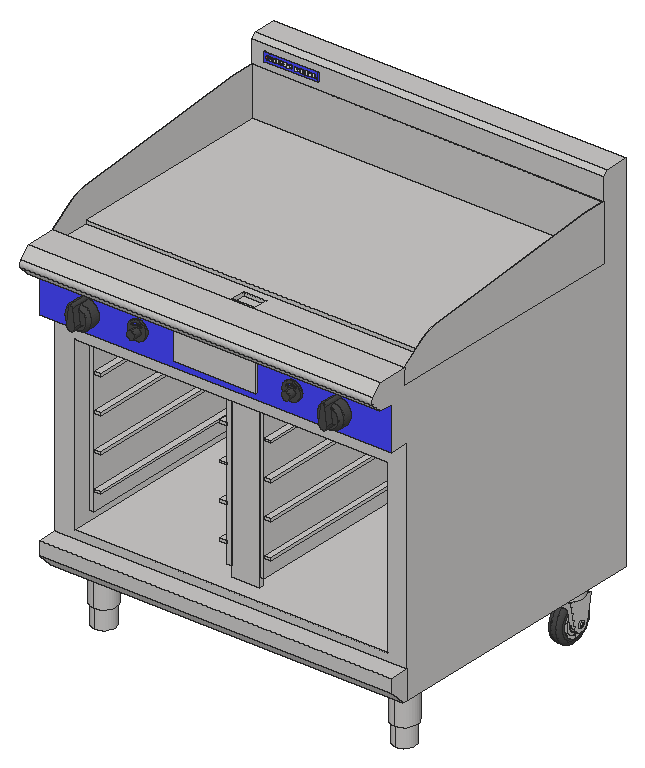
Revit family "QF_MOFFAT_BLUESEAL_CE_GP516-CB", category Specialty Equipment, Revit 2012
Parameters
  Weight in Pounds = 440  # constant formula
  Width [instance] = 900.00 mm  # constant formula
  URL Cutsheet = "www.moffat.com"
  URL = "www.moffat.com"
  Type Mark [instance] = ""
  Status [instance] = ""
  Specification by User [instance] = ""
  Specification by Manufacturer = ""
  Show Logo [instance] = yes
  Show Casters [instance] = yes
  Serial Number = ""
  Seismic Rating = ""
  SMACNA No = ""
  Revision Code [instance] = ""
  Omniclass Number and Title = ""
  NAFEM Spec ID Number = ""
  Model = "GP516-CB"
  Mechanical Remarks = ""
  Mechanical Connection Type = ""
  Masterspec = ""
  Manufacturer = "MOFFAT BLUESEAL"
  Legs [instance] = not(Show Casters)  # no
  Item Number [instance] = ""
  Installed By [instance] = ""
  Identify Quantity as Lot [instance] = yes
  Height = 1085.00 mm  # constant formula
  Gas Size = 3/4"
  Gas RI Height [instance] = 0.00 mm
  Gas KW = 22.2
  Gas Input = 75825.0 Btu/h
  Gas Connection Height = 0.00 mm
  Furnished By [instance] = ""
  Foodservice Equipment Identifier [instance] = yes
  Description = "900MM GAS GRIDDLE PLATE ON CABINET BASE"
  Depth [instance] = 812.00 mm  # constant formula
  CSI MasterFormat = ""
  CSI Master Format = ""
  Back Splash [instance] = 215.00 mm  # constant formula
Reference planes
  plane 1 "BACK": y = 0
  plane 2: z = 0
  plane 3 "LEFT": x = 0
  plane 4 "RIGHT": x = 900
  plane 5 "FRONT": y = -812
  plane 6 "TOP": z = 970
  plane 7 "Center Y": x = 450
  plane 8 "Center X": y = -406
  plane 9 "Base Height": z = 150
  plane 10: z = 915
  plane 11: x = 65
  plane 12: x = 834
  plane 13: y = -625
  plane 14: y = -100
  plane 15: x = 770
  plane 16: y = -32
  plane 17: z = 1085
  plane 18: z = 656
Forms (mm)
  Extrusion 1, solid, material "QF_Finishes_Stainless Steel"
    sketch origin (0, 0, 0) x (0, 1, 0) y (0, 0, 1)
      loop
        line (-100, 150) -> (0, 150) -> (0, 1085) -> (-57.5, 1085) -> (-70, 1072.5) -> (-70, 875) -> (-705, 875) -> (-705, 915) -> (-783.97, 915) -> (-808.485, 890.485)
        arc (-808.485, 890.485) -> (-811.999, 882) -> (-808.485, 873.515) r 12
        line (-808.485, 873.515) -> (-784.97, 850) -> (-749, 850) -> (-749, 740) -> (-100, 740) -> (-100, 150)
      loop
        line (-749, 186) -> (-713, 150) -> (-700, 150) -> (-700, 222.5) -> (-749, 222.5) -> (-749, 186)
    from 0 to 900
  Revolve 2, solid, material "QF_Finishes_Stainless Steel"
    sketch origin (834, -735, 0) x (0, 1, 0) y (0, 0, -1)
      loop
        line (78.25, -150) -> (110, -150) -> (110, 0) -> (82.5, 0) -> (82.5, -50) -> (78.25, -50) -> (78.25, -150)
      axis (110, -150) -> (110, 0)
    angle from 0 to 360
  Revolve 3, solid, material "QF_Finishes_Stainless Steel"
    sketch origin (65, -735, 0) x (0, 1, 0) y (0, 0, -1)
      loop
        line (78.25, -150) -> (110, -150) -> (110, 0) -> (82.5, 0) -> (82.5, -50) -> (78.25, -50) -> (78.25, -150)
      axis (110, -150) -> (110, 0)
    angle from 0 to 360
  Revolve 4, solid, material "QF_Finishes_Black"
    sketch origin (127.5, 7, 597.8) x (0, 1, 0) y (0, 0, -1)
      loop
        line (-789, -229.5) -> (-766, -229.5) -> (-766, -202) -> (-756, -202) -> (-756, -197) -> (-800, -197) -> (-800, -223.651) -> (-789, -229.5)
      axis (-800, -197) -> (-756, -197)
    angle from 0 to 360
  Extrusion 5, solid, material "QF_Finishes_Black"
    sketch origin (265.77, 0, 597.958) x (-1, 0, 0) y (0, 0, -1)
      loop
        line (127.85, -186.037) -> (133.271, -228.955)
        arc (133.271, -228.955) -> (138.27, -233.842) -> (143.268, -228.955) r 5
        line (143.268, -228.955) -> (148.757, -184.87)
        arc (148.757, -184.87) -> (137.685, -174.371) -> (127.85, -186.037) r 10.487
    from 759 to 808
  Extrusion 6, solid, material "QF_Finishes_Stainless Steel"
    sketch origin (-295, -749, 866) x (0, 0, -1) y (1, 0, 0)
      loop
        line (24, 640) -> (111, 640) -> (111, 850) -> (24, 850) -> (24, 640)
    from 0 to 2.5
  Extrusion 7, solid, material "QF_Finishes_Stainless Steel"
    sketch origin (-295, -751.5, 866) x (0, 0, -1) y (1, 0, 0)
      loop
        line (31, 850) -> (24, 850) -> (24, 640) -> (31, 640) -> (31, 850)
    from 0 to 5
  Extrusion 8, solid, material "QF_Finishes_Stainless Steel"
    sketch origin (0, 0, 740) x (0, -1, 0) y (-1, 0, 0)
      loop
        circle (32, -770) r 13.5
    from 84 to 0
  Revolve 9, solid, material "QF_Finishes_Black"
    sketch origin (772.616, 7, 597.8) x (0, 1, 0) y (0, 0, 1)
      loop
        line (-789, 229.5) -> (-800, 223.651) -> (-800, 197) -> (-756, 197) -> (-756, 202) -> (-766, 202) -> (-766, 229.5) -> (-789, 229.5)
      axis (-800, 197) -> (-756, 197)
    angle from 0 to 360
  Extrusion 10, solid, material "QF_Finishes_Black"
    sketch origin (634.346, 0, 597.958) x (1, 0, 0) y (0, 0, 1)
      loop
        line (148.689, 186.037) -> (143.268, 228.955)
        arc (143.268, 228.955) -> (138.27, 233.842) -> (133.271, 228.955) r 5
        line (133.271, 228.955) -> (127.782, 184.87)
        arc (127.782, 184.87) -> (138.854, 174.371) -> (148.689, 186.037) r 10.487
    from 759 to 808
  Extrusion 11, solid, material "QF_Finishes_Stainless Steel"
    sketch origin (0, -100, 685) x (0, 0, 1) y (-1, 0, 0)
      loop
        line (55, 0) -> (-535, 0) -> (-535, -900) -> (55, -900) -> (55, 0)
      loop
        line (-5, -50) -> (-442.5, -50) -> (-442.5, -850) -> (-5, -850) -> (-5, -50)
    from 0 to 599
  Extrusion 12, solid, material "QF_Finishes_Stainless Steel"
    sketch origin (0, -100, 685) x (0, 0, 1) y (-1, 0, 0)
      loop
        line (-5, -485.5) -> (-5, -414.5) -> (-442.5, -414.5) -> (-442.5, -485.5) -> (-5, -485.5)
    from 543.302 to 553.302
  Extrusion 13, solid, material "QF_Finishes_Stainless Steel"
    sketch origin (0, -100, 685) x (0, 0, 1) y (-1, 0, 0)
      loop
        line (-190.675, -403.2) -> (-184.325, -403.2) -> (-184.325, -384.2) -> (-190.675, -384.2) -> (-190.675, -403.2)
      loop
        line (-280.675, -403.2) -> (-274.325, -403.2) -> (-274.325, -384.2) -> (-280.675, -384.2) -> (-280.675, -403.2)
      loop
        line (-280.675, -61.8) -> (-280.675, -80.8) -> (-274.325, -80.8) -> (-274.325, -61.8) -> (-280.675, -61.8)
      loop
        line (-184.325, -80.8) -> (-184.325, -61.8) -> (-190.675, -61.8) -> (-190.675, -80.8) -> (-184.325, -80.8)
      loop
        line (-370.675, -403.2) -> (-364.325, -403.2) -> (-364.325, -384.2) -> (-370.675, -384.2) -> (-370.675, -403.2)
      loop
        line (-370.675, -61.8) -> (-370.675, -80.8) -> (-364.325, -80.8) -> (-364.325, -61.8) -> (-370.675, -61.8)
      loop
        line (-100.675, -403.2) -> (-94.325, -403.2) -> (-94.325, -384.2) -> (-100.675, -384.2) -> (-100.675, -403.2)
      loop
        line (-94.325, -80.8) -> (-94.325, -61.8) -> (-100.675, -61.8) -> (-100.675, -80.8) -> (-94.325, -80.8)
      loop
        line (-190.675, -496.8) -> (-190.675, -515.8) -> (-184.325, -515.8) -> (-184.325, -496.8) -> (-190.675, -496.8)
      loop
        line (-280.675, -496.8) -> (-280.675, -515.8) -> (-274.325, -515.8) -> (-274.325, -496.8) -> (-280.675, -496.8)
      loop
        line (-280.675, -838.2) -> (-274.325, -838.2) -> (-274.325, -819.2) -> (-280.675, -819.2) -> (-280.675, -838.2)
      loop
        line (-184.325, -819.2) -> (-190.675, -819.2) -> (-190.675, -838.2) -> (-184.325, -838.2) -> (-184.325, -819.2)
      loop
        line (-370.675, -496.8) -> (-370.675, -515.8) -> (-364.325, -515.8) -> (-364.325, -496.8) -> (-370.675, -496.8)
      loop
        line (-370.675, -838.2) -> (-364.325, -838.2) -> (-364.325, -819.2) -> (-370.675, -819.2) -> (-370.675, -838.2)
      loop
        line (-100.675, -496.8) -> (-100.675, -515.8) -> (-94.325, -515.8) -> (-94.325, -496.8) -> (-100.675, -496.8)
      loop
        line (-94.325, -819.2) -> (-100.675, -819.2) -> (-100.675, -838.2) -> (-94.325, -838.2) -> (-94.325, -819.2)
    from 0 to 553.302
  Extrusion 14, void
    sketch origin (0, 0, 150) x (-1, 0, 0) y (0, -1, 0)
      loop
        line (-832.738, 87.26) -> (-832.738, -30.24) -> (-703.238, -30.24) -> (-703.238, 38.76) -> (-751.738, 87.26) -> (-832.738, 87.26)
    from 72.5 to 590
  Revolve 15, solid, material "QF_Finishes_Stainless Steel", visible <- "Legs"
    sketch origin (834.5, -210, 0) x (0, 1, 0) y (0, 0, -1)
      loop
        line (78.25, -150) -> (110, -150) -> (110, 0) -> (82.5, 0) -> (82.5, -50) -> (78.25, -50) -> (78.25, -150)
      axis (110, -150) -> (110, 0)
    angle from 0 to 360
  Revolve 16, solid, material "QF_Finishes_Stainless Steel", visible <- "Legs"
    sketch origin (65, -210, 0) x (0, 1, 0) y (0, 0, -1)
      loop
        line (78.25, -150) -> (110, -150) -> (110, 0) -> (82.5, 0) -> (82.5, -50) -> (78.25, -50) -> (78.25, -150)
      axis (110, -150) -> (110, 0)
    angle from 0 to 360
  Revolve 17, solid, material "QF_Finishes_Stainless Steel", visible <- "Legs"
    sketch origin (65.5, -166, 0) x (0, 1, 0) y (0, 0, 1)
      loop
        line (34.25, 150) -> (34.25, 50) -> (38.5, 50) -> (38.5, 0) -> (66, 0) -> (66, 150) -> (34.25, 150)
      axis (66, 150) -> (66, 0)
    angle from 0 to 360
  Revolve 18, solid, material "QF_Finishes_Stainless Steel", visible <- "Legs"
    sketch origin (835, -166, 0) x (0, 1, 0) y (0, 0, -1)
      loop
        line (34.25, -150) -> (66, -150) -> (66, 0) -> (38.5, 0) -> (38.5, -50) -> (34.25, -50) -> (34.25, -150)
      axis (66, -150) -> (66, 0)
    angle from 0 to 360
  Revolve 19, solid, material "QF_Finishes_Stainless Steel", visible <- "Show Casters"
    sketch origin (16.276, -100.755, -13.653) x (1, 0, 0) y (0, 0, 1)
      loop
        line (14.841, 63.604) -> (83.584, 63.604) -> (83.584, 67.109) -> (82.314, 68.379) -> (80.79, 68.379) -> (80.79, 71.826) -> (68.644, 71.826) -> (68.644, 81.79) -> (65.088, 83.843) -> (63.738, 92.179) -> (65.881, 92.179) -> (65.881, 98.529) -> (65.088, 98.529) -> (65.088, 104.879)
        arc (65.088, 104.879) -> (62.298, 111.614) -> (55.563, 114.404) r 9.525
        line (55.563, 114.404) -> (42.863, 114.404)
        arc (42.863, 114.404) -> (36.127, 111.614) -> (33.338, 104.879) r 9.525
        line (33.338, 104.879) -> (33.338, 98.529) -> (32.544, 98.529) -> (32.544, 92.179) -> (34.687, 92.179) -> (33.352, 83.932) -> (29.782, 81.871) -> (29.782, 71.826) -> (17.635, 71.826) -> (17.635, 68.379) -> (16.111, 68.379) -> (14.841, 67.109) -> (14.841, 63.604)
      axis (14.841, 63.604) -> (83.584, 63.604)
    angle from 0 to 360
  Extrusion 20, solid, material "QF_Finishes_Stainless Steel", visible <- "Show Casters"
    sketch origin (72.001, 132.353, -8.783) x (0, 1, 0) y (0, 0, 1)
      loop
        line (-200.603, 118.783) -> (-264.103, 118.783) -> (-251.746, 53.895)
        arc (-251.746, 53.895) -> (-232.353, 38.783) -> (-212.959, 53.895) r 20
        line (-212.959, 53.895) -> (-200.603, 118.783)
    from -35.667 to 22.923
  Revolve 21, solid, material "QF_Finishes_Stainless Steel", visible <- "Show Casters"
    sketch origin (65.5, -204, 0) x (0, 1, 0) y (0, 0, 1)
      loop
        line (68.25, 150) -> (68.25, 110) -> (104, 110) -> (104, 150) -> (68.25, 150)
      axis (104, 150) -> (104, 110)
    angle from 0 to 360
  Revolve 22, solid, material "QF_Finishes_Stainless Steel", visible <- "Legs"
    sketch origin (65.5, -166, 0) x (0, 1, 0) y (0, 0, 1)
      loop
        line (34.25, 150) -> (34.25, 50) -> (38.5, 50) -> (38.5, 0) -> (66, 0) -> (66, 150) -> (34.25, 150)
      axis (66, 150) -> (66, 0)
    angle from 0 to 360
  Extrusion 23, solid, material "QF_Finishes_Stainless Steel", visible <- "Show Casters"
    sketch origin (841.501, 132.353, -8.783) x (0, 1, 0) y (0, 0, 1)
      loop
        line (-200.603, 118.783) -> (-264.103, 118.783) -> (-251.746, 53.895)
        arc (-251.746, 53.895) -> (-232.353, 38.783) -> (-212.959, 53.895) r 20
        line (-212.959, 53.895) -> (-200.603, 118.783)
    from -35.667 to 22.923
  Revolve 24, solid, material "QF_Finishes_Stainless Steel", visible <- "Show Casters"
    sketch origin (835, -204, 0) x (0, 1, 0) y (0, 0, 1)
      loop
        line (68.25, 150) -> (68.25, 110) -> (104, 110) -> (104, 150) -> (68.25, 150)
      axis (104, 150) -> (104, 110)
    angle from 0 to 360
  Revolve 25, solid, material "QF_Finishes_Stainless Steel", visible <- "Show Casters"
    sketch origin (786.276, -100.755, -13.653) x (1, 0, 0) y (0, 0, 1)
      loop
        line (14.841, 63.604) -> (83.584, 63.604) -> (83.584, 67.109) -> (82.314, 68.379) -> (80.79, 68.379) -> (80.79, 71.826) -> (68.644, 71.826) -> (68.644, 81.79) -> (65.088, 83.843) -> (63.738, 92.179) -> (65.881, 92.179) -> (65.881, 98.529) -> (65.088, 98.529) -> (65.088, 104.879)
        arc (65.088, 104.879) -> (62.298, 111.614) -> (55.563, 114.404) r 9.525
        line (55.563, 114.404) -> (42.863, 114.404)
        arc (42.863, 114.404) -> (36.127, 111.614) -> (33.338, 104.879) r 9.525
        line (33.338, 104.879) -> (33.338, 98.529) -> (32.544, 98.529) -> (32.544, 92.179) -> (34.687, 92.179) -> (33.352, 83.932) -> (29.782, 81.871) -> (29.782, 71.826) -> (17.635, 71.826) -> (17.635, 68.379) -> (16.111, 68.379) -> (14.841, 67.109) -> (14.841, 63.604)
      axis (14.841, 63.604) -> (83.584, 63.604)
    angle from 0 to 360
  Extrusion 26, solid, material "QF_Finishes_Stainless Steel"
    sketch origin (0, -812, 0) x (1, 0, 0) y (0, 0, 1)
      loop
        line (61.8, 267.5) -> (61.8, 657.5) -> (50, 657.5) -> (50, 267.5) -> (61.8, 267.5)
      loop
        line (402.7, 267.5) -> (414.5, 267.5) -> (414.5, 657.5) -> (402.7, 657.5) -> (402.7, 267.5)
      loop
        line (838.2, 267.5) -> (850, 267.5) -> (850, 657.5) -> (838.2, 657.5) -> (838.2, 267.5)
      loop
        line (497.3, 267.5) -> (497.3, 657.5) -> (485.5, 657.5) -> (485.5, 267.5) -> (497.3, 267.5)
    from -712 to -158.698
  Extrusion 27, solid, material "QF_Finishes_Black"
    sketch origin (17.5, -749, 864.306) x (0, 0, -1) y (1, 0, 0)
      loop
        circle (70, 235) r 24
      loop
        arc (60.1, 249.913) -> (52.064, 235.125) -> (59.882, 220.219) r 17.868
        arc (59.882, 220.219) -> (60.362, 219.934) -> (60.877, 220.149) r 0.621
        arc (60.877, 220.149) -> (62.314, 222.708) -> (62.658, 225.622) r 7.495
        arc (62.658, 225.622) -> (62.454, 226.55) -> (62.006, 227.388) r 3.472
        arc (62.006, 227.388) -> (59.714, 234.851) -> (61.844, 242.362) r 13.786
        arc (61.844, 242.362) -> (62.484, 243.632) -> (62.749, 245.028) r 5.101
        arc (62.749, 245.028) -> (62.378, 247.547) -> (61.084, 249.739) r 6.611
        arc (61.084, 249.739) -> (60.622, 249.997) -> (60.1, 249.913) r 0.806
    from 0 to 5
  Extrusion 28, solid, material "QF_Finishes_Black"
    sketch origin (17.5, -754, 864.306) x (0, 0, -1) y (1, 0, 0)
      loop
        circle (73.5, 235) r 10
    from 0 to 18.251
  Extrusion 29, solid, material "QF_Finishes_Black"
    sketch origin (413.125, -749, 864.306) x (0, 0, -1) y (1, 0, 0)
      loop
        circle (70, 235) r 24
      loop
        arc (60.1, 249.913) -> (52.064, 235.125) -> (59.882, 220.219) r 17.868
        arc (59.882, 220.219) -> (60.362, 219.934) -> (60.877, 220.149) r 0.621
        arc (60.877, 220.149) -> (62.314, 222.708) -> (62.658, 225.622) r 7.495
        arc (62.658, 225.622) -> (62.454, 226.55) -> (62.006, 227.388) r 3.472
        arc (62.006, 227.388) -> (59.714, 234.851) -> (61.844, 242.362) r 13.786
        arc (61.844, 242.362) -> (62.484, 243.632) -> (62.749, 245.028) r 5.101
        arc (62.749, 245.028) -> (62.378, 247.547) -> (61.084, 249.739) r 6.611
        arc (61.084, 249.739) -> (60.622, 249.997) -> (60.1, 249.913) r 0.806
    from 0 to 5
  Extrusion 30, solid, material "QF_Finishes_Black"
    sketch origin (413.125, -754, 864.306) x (0, 0, -1) y (1, 0, 0)
      loop
        circle (73.5, 235) r 10
    from 0 to 18.251
Cuts and joins
  joined: Extrusion 6, Extrusion 7
  Extrusion 14 cuts Extrusion 1
  joined: Extrusion 1, Extrusion 11
Lines and regions (mm)
  Split face 1
    outline origin (900, 0, 1085) x (-1, 0, 0) y (0, -1, 0)
      loop
        arc (44, 45.385) -> (35.34, 40.385) -> (35.34, 30.385) r 10
        line (35.34, 30.385) -> (39.381, 23.385)
        arc (39.381, 23.385) -> (43.041, 19.725) -> (48.041, 18.385) r 10
        line (48.041, 18.385) -> (276, 18.385)
        arc (276, 18.385) -> (284.66, 23.385) -> (284.66, 33.385) r 10
        line (284.66, 33.385) -> (280.619, 40.385)
        arc (280.619, 40.385) -> (276.959, 44.045) -> (271.959, 45.385) r 10
        line (271.959, 45.385) -> (44, 45.385)
  Split face 2
    outline origin (900, 0, 1085) x (-1, 0, 0) y (0, -1, 0)
      loop
        arc (334, 45.385) -> (325.34, 40.385) -> (325.34, 30.385) r 10
        line (325.34, 30.385) -> (329.381, 23.385)
        arc (329.381, 23.385) -> (333.041, 19.725) -> (338.041, 18.385) r 10
        line (338.041, 18.385) -> (566, 18.385)
        arc (566, 18.385) -> (574.66, 23.385) -> (574.66, 33.385) r 10
        line (574.66, 33.385) -> (570.619, 40.385)
        arc (570.619, 40.385) -> (566.959, 44.045) -> (561.959, 45.385) r 10
        line (561.959, 45.385) -> (334, 45.385)
  Split face 3
    outline origin (900, 0, 1085) x (-1, 0, 0) y (0, -1, 0)
      loop
        arc (856, 18.385) -> (864.66, 23.385) -> (864.66, 33.385) r 10
        line (864.66, 33.385) -> (860.619, 40.385)
        arc (860.619, 40.385) -> (856.959, 44.045) -> (851.959, 45.385) r 10
        line (851.959, 45.385) -> (624, 45.385)
        arc (624, 45.385) -> (615.34, 40.385) -> (615.34, 30.385) r 10
        line (615.34, 30.385) -> (619.381, 23.385)
        arc (619.381, 23.385) -> (623.041, 19.725) -> (628.041, 18.385) r 10
        line (628.041, 18.385) -> (856, 18.385)
  Split face 4
    outline origin (345, -751.5, 755) x (1, 0, 0) y (0, 0, 1)
      loop
        arc (98, 75.9) -> (94, 71.9) -> (98, 67.9) r 4
        line (98, 67.9) -> (112, 67.9)
        arc (112, 67.9) -> (116, 71.9) -> (112, 75.9) r 4
        line (112, 75.9) -> (98, 75.9)
  symbolic lines
    curve 1: line (0, 0, 0) -> (0, -812, 0)
    curve 2: line (900, 0, 0) -> (0, 0, 0)
    curve 3: line (900, -812, 0) -> (900, 0, 0)
    curve 4: line (0, -70, 0) -> (900, -70, 0)
    curve 5: line (0, -812, 0) -> (900, -812, 0)
    curve 6: line (271.959, -18.385, 0) -> (44, -18.385, 0)
    curve 7: arc (44, -18.385, 0) -> (35.34, -23.385, 0) -> (35.34, -33.385, 0) r 10
    curve 8: line (35.34, -33.385, 0) -> (39.381, -40.385, 0)
    curve 9: arc (39.381, -40.385, 0) -> (43.041, -44.045, 0) -> (48.041, -45.385, 0) r 10
    curve 10: line (48.041, -45.385, 0) -> (276, -45.385, 0)
    curve 11: arc (276, -45.385, 0) -> (284.66, -40.385, 0) -> (284.66, -30.385, 0) r 10
    curve 12: line (284.66, -30.385, 0) -> (280.619, -23.385, 0)
    curve 13: arc (280.619, -23.385, 0) -> (276.959, -19.725, 0) -> (271.959, -18.385, 0) r 10
    curve 14: line (334, -18.385, 0) -> (561.959, -18.385, 0)
    curve 15: arc (561.959, -18.385, 0) -> (566.959, -19.725, 0) -> (570.619, -23.385, 0) r 10
    curve 16: line (570.619, -23.385, 0) -> (574.66, -30.385, 0)
    curve 17: arc (574.66, -30.385, 0) -> (574.66, -40.385, 0) -> (566, -45.385, 0) r 10
    curve 18: line (566, -45.385, 0) -> (338.041, -45.385, 0)
    curve 19: arc (338.041, -45.385, 0) -> (333.041, -44.045, 0) -> (329.381, -40.385, 0) r 10
    curve 20: line (329.381, -40.385, 0) -> (325.34, -33.385, 0)
    curve 21: arc (325.34, -33.385, 0) -> (325.34, -23.385, 0) -> (334, -18.385, 0) r 10
    curve 22: line (624, -18.385, 0) -> (851.959, -18.385, 0)
    curve 23: arc (851.959, -18.385, 0) -> (856.959, -19.725, 0) -> (860.619, -23.385, 0) r 10
    curve 24: line (860.619, -23.385, 0) -> (864.66, -30.385, 0)
    curve 25: arc (864.66, -30.385, 0) -> (864.66, -40.385, 0) -> (856, -45.385, 0) r 10
    curve 26: line (856, -45.385, 0) -> (628.041, -45.385, 0)
    curve 27: arc (628.041, -45.385, 0) -> (623.041, -44.045, 0) -> (619.381, -40.385, 0) r 10
    curve 28: line (619.381, -40.385, 0) -> (615.34, -33.385, 0)
    curve 29: arc (615.34, -33.385, 0) -> (615.34, -23.385, 0) -> (624, -18.385, 0) r 10
    curve 30: line (0, -57.5, 0) -> (900, -57.5, 0)
    curve 31: line (0, -783.97, 0) -> (900, -783.97, 0)
  symbolic lines, style "SpecialityEquipmentHiddenLines", visible <- "Show Casters"
    curve 32: line (78.456, -46.735, 0) -> (105.952, -62.61, 0)
    curve 33: line (27.656, -134.723, 0) -> (78.456, -46.735, 0)
    curve 34: line (55.152, -150.598, 0) -> (27.656, -134.723, 0)
    curve 35: line (105.952, -62.61, 0) -> (55.152, -150.598, 0)
    curve 36: line (847.956, -46.735, 0) -> (875.452, -62.61, 0)
    curve 37: line (797.156, -134.723, 0) -> (847.956, -46.735, 0)
    curve 38: line (824.652, -150.598, 0) -> (797.156, -134.723, 0)
    curve 39: line (875.452, -62.61, 0) -> (824.652, -150.598, 0)
Dimensions and locks
  equal spacing: plane 3 "LEFT", plane 7 "Center Y", plane 4 "RIGHT"
  "Width": plane 3 "LEFT" to plane 4 "RIGHT"
  equal spacing: plane 5 "FRONT", plane 8 "Center X", plane 1 "BACK"
  "Depth": plane 5 "FRONT" to plane 1 "BACK"
  locked: plane 10 to level at 915
  locked: plane 9 "Base Height" to level at 150
  plane 6 "TOP" to plane 10 = 55.00 mm
  plane 13 to plane 14 = 525.00 mm
  plane 12 to plane 11 = 769.00 mm
  plane 15 to plane 4 "RIGHT" = 130.00 mm
  plane 16 to plane 1 "BACK" = 32.00 mm
  plane 17 to plane 2 = 1085.00 mm
  Revolve 19 sketch curve to Revolve 19 sketch curve = 50.80 mm
  Revolve 25 sketch curve to Revolve 25 sketch curve = 50.80 mm
  plane 2 to Extrusion 8 = 740.00 mm
  plane 18 to level = 656.00 mm
  aligned and locked: level to plane 2
Automatic sketch dimensions
  plane 1 "BACK" to curve 1 = 0.00 mm
  curve 1 to plane 3 "LEFT" = 0.00 mm
  curve 2 to plane 4 "RIGHT" = 0.00 mm
  plane 5 "FRONT" to curve 1 = 0.00 mm
  Revolve 2 sketch curve to plane 9 "Base Height" = 0.00 mm
  Revolve 2 sketch curve to level = 0.00 mm
  Revolve 2 sketch curve to plane 13 = 0.00 mm  (x2)
  Revolve 2 sketch curve to plane 13 = 27.50 mm
  Revolve 2 sketch curve to plane 13 = 31.75 mm
  level to Revolve 2 sketch curve = 50.00 mm
  Revolve 2 sketch curve to Revolve 2 sketch curve = 0.00 mm
  Revolve 2 sketch curve to Revolve 2 sketch curve = 55.00 mm
  Revolve 3 sketch curve to plane 9 "Base Height" = 0.00 mm
  Revolve 3 sketch curve to level = 0.00 mm
  Revolve 3 sketch curve to plane 13 = 0.00 mm  (x2)
  Revolve 3 sketch curve to plane 13 = 27.50 mm
  Revolve 3 sketch curve to plane 13 = 31.75 mm
  level to Revolve 3 sketch curve = 50.00 mm
  Revolve 3 sketch curve to Revolve 3 sketch curve = 0.00 mm
  Revolve 3 sketch curve to Revolve 3 sketch curve = 55.00 mm
  Revolve 4 sketch curve to plane 5 "FRONT" = 19.00 mm
  Revolve 4 sketch curve to Revolve 4 sketch curve = 0.00 mm  (x2)
  Revolve 4 sketch curve to Revolve 4 sketch curve = 11.00 mm
  Revolve 4 sketch curve to Revolve 4 sketch curve = 12.70 mm
  Revolve 4 sketch curve to Revolve 4 sketch curve = 23.00 mm
  Revolve 4 sketch curve to Revolve 4 sketch curve = 10.00 mm
  Revolve 4 sketch curve to plane 10 = 87.70 mm
  Revolve 4 sketch curve to Revolve 4 sketch curve = 5.849 mm
  Revolve 4 sketch curve to Revolve 4 sketch curve = 27.50 mm
  Revolve 4 sketch curve to Revolve 4 sketch curve = 5.00 mm
  Extrusion 6 sketch curve to Extrusion 6 sketch curve = 210.00 mm
  Extrusion 7 sketch curve to Extrusion 6 = 0.00 mm  (x2)
  Extrusion 6 to Extrusion 7 sketch curve = 0.00 mm
  Extrusion 7 sketch curve to Extrusion 6 = 7.00 mm
  Revolve 9 sketch curve to plane 5 "FRONT" = 19.00 mm
  Revolve 9 sketch curve to Revolve 9 sketch curve = 0.00 mm  (x2)
  Revolve 9 sketch curve to Revolve 9 sketch curve = 11.00 mm
  Revolve 9 sketch curve to Revolve 9 sketch curve = 12.70 mm
  Revolve 9 sketch curve to Revolve 9 sketch curve = 23.00 mm
  Revolve 9 sketch curve to Revolve 9 sketch curve = 10.00 mm
  Revolve 9 sketch curve to plane 10 = 120.20 mm
  Revolve 9 sketch curve to Revolve 9 sketch curve = 5.00 mm
  Revolve 9 sketch curve to Revolve 9 sketch curve = 26.651 mm
  Revolve 9 sketch curve to Revolve 9 sketch curve = 5.849 mm
  Extrusion 1 sketch curve to plane 9 "Base Height" = 0.00 mm  (x2)
  Extrusion 1 sketch curve to plane 14 = 0.00 mm
  Extrusion 11 sketch curve to Extrusion 1 = 0.00 mm  (x4)
  Extrusion 1 to Extrusion 11 sketch curve = 92.50 mm
  Extrusion 1 to Extrusion 11 sketch curve = 60.00 mm
  Extrusion 1 to Extrusion 11 sketch curve = 50.00 mm  (x2)
  Extrusion 1 to Extrusion 12 sketch curve = 92.50 mm
  Extrusion 1 to Extrusion 12 sketch curve = 60.00 mm
  Extrusion 1 to Extrusion 12 sketch curve = 414.50 mm
  Extrusion 12 sketch curve to Extrusion 12 sketch curve = 71.00 mm
  plane 12 to Extrusion 14 sketch curve = 1.262 mm
  Extrusion 14 sketch curve to plane 15 = 18.262 mm
  Extrusion 14 sketch curve to plane 16 = 6.76 mm
  Extrusion 14 sketch curve to plane 15 = 66.762 mm
  Extrusion 14 sketch curve to plane 1 "BACK" = 30.24 mm
  plane 14 to Extrusion 14 sketch curve = 12.74 mm
  Extrusion 14 to Extrusion 8 sketch curve = 62.738 mm
  Extrusion 14 to Extrusion 8 sketch curve = 55.26 mm
  Extrusion 1 sketch curve to plane 17 = 12.50 mm
  plane 17 to Extrusion 1 sketch curve = 0.00 mm
  Extrusion 1 sketch curve to Extrusion 1 sketch curve = 12.50 mm
  Extrusion 1 sketch curve to plane 1 "BACK" = 0.00 mm
  Extrusion 1 sketch curve to plane 5 "FRONT" = 28.03 mm
  Extrusion 1 sketch curve to plane 5 "FRONT" = 27.03 mm
  Extrusion 1 sketch curve to plane 5 "FRONT" = 12.001 mm
  Extrusion 1 sketch curve to plane 5 "FRONT" = 3.515 mm  (x2)
  Extrusion 1 sketch curve to plane 10 = 65.00 mm
  Extrusion 1 sketch curve to Extrusion 1 sketch curve = 23.515 mm
  Extrusion 1 sketch curve to Extrusion 1 sketch curve = 8.485 mm
  Extrusion 1 sketch curve to Extrusion 1 sketch curve = 35.97 mm
  Extrusion 1 sketch curve to plane 10 = 0.00 mm
  Extrusion 1 sketch curve to Extrusion 1 sketch curve = 36.00 mm
  plane 9 "Base Height" to Extrusion 1 sketch curve = 36.00 mm
  Extrusion 1 sketch curve to Extrusion 1 sketch curve = 36.50 mm
  Extrusion 1 sketch curve to Extrusion 1 sketch curve = 49.00 mm  (x2)
  Extrusion 1 sketch curve to Extrusion 1 sketch curve = 44.00 mm
  plane 14 to Extrusion 1 sketch curve = 30.00 mm
  Extrusion 1 sketch curve to Extrusion 1 sketch curve = 40.00 mm
  Extrusion 6 sketch curve to plane 10 = 73.00 mm
  Extrusion 6 sketch curve to plane 7 "Center Y" = 105.00 mm
  plane 11 to Extrusion 5 sketch curve = 72.919 mm
  Extrusion 5 sketch curve to Extrusion 5 sketch curve = 5.421 mm
  Extrusion 5 sketch curve to Extrusion 5 sketch curve = 10.419 mm
  Extrusion 5 sketch curve to Extrusion 5 sketch curve = 4.999 mm  (x2)
  Extrusion 5 sketch curve to plane 10 = 88.087 mm
  Extrusion 5 sketch curve to Extrusion 5 sketch curve = 10.487 mm
  Extrusion 5 sketch curve to Extrusion 5 sketch curve = 0.113 mm
  Extrusion 5 sketch curve to Extrusion 5 sketch curve = 1.167 mm
  Extrusion 10 sketch curve to plane 15 = 7.871 mm
  Extrusion 10 sketch curve to Extrusion 10 sketch curve = 5.489 mm
  Extrusion 10 sketch curve to Extrusion 10 sketch curve = 4.999 mm  (x2)
  Extrusion 10 sketch curve to Extrusion 10 sketch curve = 10.487 mm
  Extrusion 10 sketch curve to Extrusion 10 sketch curve = 10.419 mm
  Extrusion 10 sketch curve to Extrusion 10 sketch curve = 1.167 mm
  Extrusion 10 sketch curve to Extrusion 10 sketch curve = 44.00 mm
  Extrusion 10 sketch curve to Extrusion 10 sketch curve = 0.113 mm
  Split face 1 sketch curve to cut or joined group of Extrusion 1, Extrusion 11, Extrusion 14 = 35.34 mm
  Split face 1 sketch curve to Split face 1 sketch curve = 4.041 mm  (x3)
  Split face 1 sketch curve to Split face 1 sketch curve = 8.66 mm  (x3)
  Split face 1 sketch curve to cut or joined group of Extrusion 1, Extrusion 11, Extrusion 14 = 12.115 mm
  Split face 1 sketch curve to Split face 1 sketch curve = 223.917 mm
  Split face 1 sketch curve to cut or joined group of Extrusion 1, Extrusion 11, Extrusion 14 = 17.115 mm
  Split face 1 sketch curve to cut or joined group of Extrusion 1, Extrusion 11, Extrusion 14 = 24.115 mm
  Split face 1 sketch curve to Split face 1 sketch curve = 15.00 mm
  Split face 1 sketch curve to Split face 1 sketch curve = 7.00 mm  (x2)
  Split face 2 sketch curve to cut or joined group of Extrusion 1, Extrusion 11, Extrusion 14 = 27.115 mm
  Split face 2 sketch curve to cut or joined group of Extrusion 1, Extrusion 11, Extrusion 14 = 325.34 mm
  Split face 2 sketch curve to cut or joined group of Extrusion 1, Extrusion 11, Extrusion 14 = 23.385 mm
  Split face 2 sketch curve to Split face 2 sketch curve = 4.041 mm  (x3)
  Split face 2 sketch curve to Split face 2 sketch curve = 8.66 mm  (x3)
  Split face 2 sketch curve to cut or joined group of Extrusion 1, Extrusion 11, Extrusion 14 = 12.115 mm
  Split face 2 sketch curve to Split face 2 sketch curve = 223.917 mm
  Split face 2 sketch curve to cut or joined group of Extrusion 1, Extrusion 11, Extrusion 14 = 17.115 mm
  Split face 2 sketch curve to cut or joined group of Extrusion 1, Extrusion 11, Extrusion 14 = 24.115 mm
  Split face 2 sketch curve to Split face 2 sketch curve = 5.00 mm
  Split face 3 sketch curve to cut or joined group of Extrusion 1, Extrusion 11, Extrusion 14 = 27.115 mm
  Split face 3 sketch curve to cut or joined group of Extrusion 1, Extrusion 11, Extrusion 14 = 284.66 mm
  Split face 3 sketch curve to Split face 3 sketch curve = 4.041 mm  (x4)
  Split face 3 sketch curve to Split face 3 sketch curve = 8.66 mm  (x2)
  Split face 3 sketch curve to cut or joined group of Extrusion 1, Extrusion 11, Extrusion 14 = 12.115 mm
  Split face 3 sketch curve to cut or joined group of Extrusion 1, Extrusion 11, Extrusion 14 = 48.041 mm
  Split face 3 sketch curve to Split face 3 sketch curve = 7.00 mm  (x3)
  Split face 3 sketch curve to Split face 3 sketch curve = 17.00 mm
  curve 7 to plane 16 = 1.385 mm
  curve 7 to plane 11 = 29.66 mm
  curve 8 to plane 16 = 8.385 mm
  curve 8 to curve 8 = 4.041 mm
  curve 7 to curve 7 = 8.66 mm
  curve 9 to curve 10 = 8.66 mm
  plane 16 to curve 13 = 3.615 mm
  curve 13 to plane 7 "Center Y" = 178.041 mm
  curve 11 to plane 16 = 3.385 mm
  curve 13 to curve 11 = 4.041 mm
  curve 13 to curve 13 = 8.66 mm
  plane 16 to curve 12 = 1.615 mm
  curve 12 to curve 12 = 4.041 mm
  plane 16 to curve 7 = 3.615 mm
  curve 21 to plane 16 = 1.385 mm
  curve 12 to curve 21 = 40.679 mm
  curve 20 to plane 16 = 8.385 mm
  curve 20 to curve 20 = 4.041 mm
  plane 16 to curve 21 = 3.615 mm
  curve 21 to curve 21 = 8.66 mm
  curve 19 to curve 19 = 8.66 mm
  plane 7 "Center Y" to curve 14 = 111.959 mm
  curve 17 to plane 16 = 3.385 mm
  curve 15 to curve 17 = 4.041 mm
  plane 16 to curve 16 = 8.615 mm
  curve 15 to curve 16 = 8.66 mm
  plane 16 to curve 16 = 1.615 mm
  curve 16 to curve 16 = 4.041 mm
  curve 28 to plane 16 = 1.385 mm
  curve 16 to curve 28 = 40.679 mm
  curve 28 to plane 16 = 8.385 mm
  curve 28 to curve 28 = 4.041 mm
  plane 16 to curve 29 = 3.615 mm
  curve 29 to curve 29 = 8.66 mm
  curve 27 to plane 16 = 3.385 mm
  curve 29 to curve 27 = 4.041 mm
  curve 23 to plane 12 = 17.959 mm
  curve 23 to curve 25 = 4.041 mm  (x2)
  plane 16 to curve 24 = 8.615 mm
  curve 23 to curve 24 = 8.66 mm
  plane 16 to curve 25 = 1.615 mm
  curve 4 to curve 30 = 12.50 mm
  curve 31 to plane 5 "FRONT" = 28.03 mm
  Revolve 15 sketch curve to plane 9 "Base Height" = 0.00 mm
  Revolve 15 sketch curve to level = 0.00 mm
  Revolve 15 sketch curve to plane 14 = 0.00 mm  (x2)
  Revolve 15 sketch curve to Revolve 15 sketch curve = 27.50 mm
  Revolve 15 sketch curve to Revolve 15 sketch curve = 31.75 mm
  level to Revolve 15 sketch curve = 50.00 mm
  Revolve 15 sketch curve to Revolve 15 sketch curve = 0.00 mm
  Revolve 15 sketch curve to Revolve 15 sketch curve = 55.00 mm
  Revolve 16 sketch curve to plane 9 "Base Height" = 0.00 mm
  Revolve 16 sketch curve to level = 0.00 mm
  Revolve 16 sketch curve to plane 14 = 0.00 mm  (x2)
  Revolve 16 sketch curve to plane 14 = 27.50 mm
  Revolve 16 sketch curve to plane 14 = 31.75 mm
  level to Revolve 16 sketch curve = 50.00 mm
  Revolve 16 sketch curve to Revolve 16 sketch curve = 0.00 mm
  Revolve 16 sketch curve to Revolve 16 sketch curve = 55.00 mm
  Revolve 17 sketch curve to plane 9 "Base Height" = 0.00 mm
  Revolve 17 sketch curve to level = 0.00 mm
  Revolve 17 sketch curve to plane 14 = 0.00 mm  (x2)
  Revolve 17 sketch curve to plane 14 = 27.50 mm
  Revolve 17 sketch curve to plane 14 = 31.75 mm
  Revolve 17 sketch curve to Revolve 17 sketch curve = 55.00 mm
  level to Revolve 17 sketch curve = 50.00 mm
  Revolve 17 sketch curve to Revolve 17 sketch curve = 0.00 mm
  Revolve 18 sketch curve to plane 9 "Base Height" = 0.00 mm
  Revolve 18 sketch curve to level = 0.00 mm
  Revolve 18 sketch curve to plane 14 = 0.00 mm  (x2)
  Revolve 18 sketch curve to plane 14 = 27.50 mm
  Revolve 18 sketch curve to plane 14 = 31.75 mm
  level to Revolve 18 sketch curve = 50.00 mm
  Revolve 18 sketch curve to Revolve 18 sketch curve = 0.00 mm
  Revolve 18 sketch curve to Revolve 18 sketch curve = 55.00 mm
  plane 3 "LEFT" to Revolve 19 sketch curve = 31.118 mm
  Revolve 19 sketch curve to Revolve 19 sketch curve = 1.27 mm  (x4)
  Revolve 19 sketch curve to Revolve 19 sketch curve = 1.524 mm  (x2)
  Revolve 19 sketch curve to Revolve 19 sketch curve = 12.146 mm  (x2)
  Revolve 19 sketch curve to plane 11 = 16.18 mm
  Revolve 19 sketch curve to Revolve 19 sketch curve = 0.794 mm  (x2)
  Revolve 19 sketch curve to Revolve 19 sketch curve = 3.57 mm
  Revolve 19 sketch curve to Revolve 19 sketch curve = 2.143 mm
  Revolve 19 sketch curve to plane 11 = 5.861 mm
  plane 11 to Revolve 19 sketch curve = 5.63 mm
  plane 11 to Revolve 19 sketch curve = 6.839 mm
  plane 11 to Revolve 19 sketch curve = 15.015 mm
  Revolve 19 sketch curve to Revolve 19 sketch curve = 1.349 mm  (x2)
  Revolve 19 sketch curve to Revolve 19 sketch curve = 3.556 mm
  Revolve 19 sketch curve to Revolve 19 sketch curve = 33.32 mm
  level to Revolve 19 sketch curve = 49.952 mm
  Revolve 19 sketch curve to Revolve 19 sketch curve = 0.00 mm
  Revolve 19 sketch curve to Revolve 19 sketch curve = 3.505 mm  (x2)
  Revolve 19 sketch curve to Revolve 19 sketch curve = 3.447 mm  (x2)
  Revolve 19 sketch curve to Revolve 19 sketch curve = 9.964 mm
  Revolve 19 sketch curve to Revolve 19 sketch curve = 10.045 mm
  Revolve 19 sketch curve to Revolve 19 sketch curve = 2.053 mm
  Revolve 19 sketch curve to Revolve 19 sketch curve = 2.061 mm
  Revolve 19 sketch curve to Revolve 19 sketch curve = 8.247 mm
  Revolve 19 sketch curve to Revolve 19 sketch curve = 8.336 mm
  Revolve 19 sketch curve to Revolve 19 sketch curve = 6.35 mm  (x2)
  Extrusion 20 sketch curve to plane 14 = 0.00 mm
  Extrusion 20 sketch curve to plane 14 = 19.393 mm
  Extrusion 20 sketch curve to plane 14 = 31.75 mm
  plane 14 to Extrusion 20 sketch curve = 19.393 mm
  plane 14 to Extrusion 20 sketch curve = 31.75 mm
  level to Extrusion 20 sketch curve = 45.111 mm
  Extrusion 20 sketch curve to Extrusion 20 sketch curve = 4.889 mm
  Extrusion 20 sketch curve to plane 9 "Base Height" = 40.00 mm
  Revolve 21 sketch curve to plane 9 "Base Height" = 0.00 mm
  Revolve 21 sketch curve to plane 14 = 0.00 mm  (x2)
  Revolve 21 sketch curve to plane 14 = 35.75 mm
  Revolve 21 sketch curve to plane 9 "Base Height" = 40.00 mm
  level to Revolve 21 sketch curve = 50.00 mm
  Revolve 21 sketch curve to level = 55.00 mm
  Revolve 22 sketch curve to plane 9 "Base Height" = 0.00 mm
  Revolve 22 sketch curve to level = 0.00 mm
  Revolve 22 sketch curve to plane 14 = 0.00 mm  (x2)
  Revolve 22 sketch curve to plane 14 = 27.50 mm
  Revolve 22 sketch curve to Revolve 22 sketch curve = 31.75 mm
  Revolve 22 sketch curve to Revolve 22 sketch curve = 55.00 mm
  level to Revolve 22 sketch curve = 50.00 mm
  Revolve 22 sketch curve to Revolve 22 sketch curve = 0.00 mm
  Extrusion 23 sketch curve to plane 14 = 0.00 mm
  Extrusion 23 sketch curve to plane 14 = 19.393 mm
  Extrusion 23 sketch curve to plane 14 = 31.75 mm
  plane 14 to Extrusion 23 sketch curve = 19.393 mm
  plane 14 to Extrusion 23 sketch curve = 31.75 mm
  level to Extrusion 23 sketch curve = 45.111 mm
  Extrusion 23 sketch curve to Extrusion 23 sketch curve = 4.889 mm
  Extrusion 23 sketch curve to plane 9 "Base Height" = 40.00 mm
  Revolve 24 sketch curve to plane 9 "Base Height" = 0.00 mm
  Revolve 24 sketch curve to plane 14 = 0.00 mm  (x2)
  Revolve 24 sketch curve to Revolve 24 sketch curve = 35.75 mm
  Revolve 24 sketch curve to plane 9 "Base Height" = 40.00 mm
  level to Revolve 24 sketch curve = 50.00 mm
  Revolve 24 sketch curve to level = 55.00 mm
  plane 15 to Revolve 25 sketch curve = 31.118 mm
  Revolve 25 sketch curve to Revolve 25 sketch curve = 1.27 mm  (x4)
  Revolve 25 sketch curve to Revolve 25 sketch curve = 1.524 mm  (x2)
  Revolve 25 sketch curve to Revolve 25 sketch curve = 12.146 mm  (x2)
  plane 12 to Revolve 25 sketch curve = 15.18 mm
  Revolve 25 sketch curve to Revolve 25 sketch curve = 0.794 mm  (x2)
  Revolve 25 sketch curve to Revolve 25 sketch curve = 3.57 mm
  Revolve 25 sketch curve to Revolve 25 sketch curve = 2.143 mm
  plane 12 to Revolve 25 sketch curve = 4.861 mm
  Revolve 25 sketch curve to plane 12 = 6.63 mm
  Revolve 25 sketch curve to plane 12 = 7.839 mm
  Revolve 25 sketch curve to Revolve 25 sketch curve = 8.176 mm
  Revolve 25 sketch curve to Revolve 25 sketch curve = 1.349 mm  (x2)
  Revolve 25 sketch curve to Revolve 25 sketch curve = 3.556 mm
  Revolve 25 sketch curve to plane 4 "RIGHT" = 3.18 mm
  level to Revolve 25 sketch curve = 49.952 mm
  Revolve 25 sketch curve to Revolve 25 sketch curve = 0.00 mm
  Revolve 25 sketch curve to Revolve 25 sketch curve = 3.505 mm  (x2)
  Revolve 25 sketch curve to Revolve 25 sketch curve = 3.447 mm  (x2)
  Revolve 25 sketch curve to Revolve 25 sketch curve = 9.964 mm
  Revolve 25 sketch curve to Revolve 25 sketch curve = 10.045 mm
  Revolve 25 sketch curve to Revolve 25 sketch curve = 2.053 mm
  Revolve 25 sketch curve to Revolve 25 sketch curve = 2.061 mm
  Revolve 25 sketch curve to Revolve 25 sketch curve = 8.247 mm
  Revolve 25 sketch curve to Revolve 25 sketch curve = 8.336 mm
  Revolve 25 sketch curve to Revolve 25 sketch curve = 6.35 mm  (x2)
  cut or joined group of Extrusion 6, Extrusion 7 to Split face 4 sketch curve = 8.10 mm
  Split face 4 sketch curve to cut or joined group of Extrusion 6, Extrusion 7 = 98.00 mm
  Split face 4 sketch curve to Split face 4 sketch curve = 14.00 mm
  Split face 4 sketch curve to Split face 4 sketch curve = 4.00 mm
  curve 35 to plane 11 = 9.848 mm
  plane 11 to curve 33 = 13.456 mm
  curve 32 to curve 35 = 27.496 mm
  plane 12 to curve 38 = 9.348 mm
  curve 37 to curve 25 = 8.044 mm
  plane 4 "RIGHT" to curve 39 = 24.548 mm
  curve 38 to curve 37 = 15.875 mm
  curve 34 to curve 34 = 15.875 mm
  curve 36 to curve 30 = 5.11 mm
  curve 36 to curve 25 = 1.35 mm
  curve 33 to plane 16 = 14.735 mm
  Extrusion 1 sketch curve to Extrusion 1 sketch curve = 135.00 mm
  Extrusion 5 sketch curve to Extrusion 5 sketch curve = 42.919 mm
  Extrusion 6 sketch curve to Extrusion 6 sketch curve = 87.00 mm
  Extrusion 10 sketch curve to plane 10 = 132.20 mm
  Extrusion 26 sketch curve to plane 11 = 15.00 mm
  plane 18 to Extrusion 26 sketch curve = 1.50 mm  (x4)
  Extrusion 26 sketch curve to plane 11 = 3.20 mm
  Extrusion 26 sketch curve to plane 7 "Center Y" = 47.30 mm
  Extrusion 26 sketch curve to Extrusion 26 sketch curve = 11.80 mm  (x3)
  plane 7 "Center Y" to Extrusion 26 sketch curve = 35.50 mm
  Extrusion 26 sketch curve to plane 12 = 4.20 mm
  plane 9 "Base Height" to Extrusion 26 sketch curve = 117.50 mm  (x3)
  Extrusion 26 sketch curve to Extrusion 26 sketch curve = 0.00 mm
  Extrusion 1 to Extrusion 13 sketch curve = 80.80 mm  (x4)
  Extrusion 1 to Extrusion 13 sketch curve = 164.325 mm  (x3)
  Extrusion 13 sketch curve to Extrusion 13 sketch curve = 0.00 mm  (x7)
  Extrusion 1 to Extrusion 13 sketch curve = 61.80 mm  (x4)
  Extrusion 13 sketch curve to Extrusion 13 sketch curve = 6.35 mm  (x16)
  Extrusion 13 sketch curve to Extrusion 13 sketch curve = 83.65 mm  (x12)
  Extrusion 13 sketch curve to Extrusion 13 sketch curve = 19.00 mm  (x16)
  Extrusion 13 sketch curve to Extrusion 13 sketch curve = 303.40 mm
  Extrusion 13 sketch curve to Extrusion 13 sketch curve = 93.60 mm
  plane 9 "Base Height" to Extrusion 27 sketch curve = 659.119 mm
  Extrusion 27 sketch curve to Extrusion 27 sketch curve = 0.958 mm
  Extrusion 27 sketch curve to Extrusion 27 sketch curve = 1.509 mm
  Extrusion 27 sketch curve to Extrusion 27 sketch curve = 4.01 mm
  Extrusion 27 sketch curve to Extrusion 27 sketch curve = 0.685 mm
  Extrusion 27 sketch curve to Extrusion 27 sketch curve = 2.447 mm
  Extrusion 27 sketch curve to Extrusion 27 sketch curve = 0.524 mm
  Extrusion 27 sketch curve to Extrusion 27 sketch curve = 0.381 mm
  Extrusion 27 sketch curve to Extrusion 27 sketch curve = 0.472 mm
  Extrusion 27 sketch curve to Extrusion 27 sketch curve = 0.00 mm  (x5)
  Extrusion 27 sketch curve to Extrusion 27 sketch curve = 0.602 mm
  Extrusion 27 sketch curve to Extrusion 27 sketch curve = 4.19 mm
  Extrusion 27 sketch curve to Extrusion 27 sketch curve = 2.809 mm
  Extrusion 27 sketch curve to Extrusion 27 sketch curve = 0.652 mm
  Extrusion 27 sketch curve to Extrusion 27 sketch curve = 0.905 mm
  Extrusion 27 sketch curve to Extrusion 27 sketch curve = 8.087 mm
  Extrusion 27 sketch curve to Extrusion 27 sketch curve = 0.069 mm
  Extrusion 27 sketch curve to Extrusion 27 sketch curve = 3.50 mm
  plane 11 to Extrusion 27 sketch curve = 172.649 mm
  Extrusion 27 sketch curve to Extrusion 27 sketch curve = 0.07 mm
  Extrusion 27 sketch curve to Extrusion 27 sketch curve = 7.606 mm
  Extrusion 27 sketch curve to Extrusion 27 sketch curve = 0.007 mm
  plane 9 "Base Height" to Extrusion 29 sketch curve = 659.119 mm
  Extrusion 29 sketch curve to Extrusion 29 sketch curve = 0.958 mm
  Extrusion 29 sketch curve to Extrusion 29 sketch curve = 1.509 mm
  Extrusion 29 sketch curve to Extrusion 29 sketch curve = 4.01 mm
  Extrusion 29 sketch curve to Extrusion 29 sketch curve = 0.685 mm
  Extrusion 29 sketch curve to Extrusion 29 sketch curve = 2.447 mm
  Extrusion 29 sketch curve to Extrusion 29 sketch curve = 0.524 mm
  Extrusion 29 sketch curve to Extrusion 29 sketch curve = 0.381 mm
  Extrusion 29 sketch curve to Extrusion 29 sketch curve = 0.472 mm
  Extrusion 29 sketch curve to Extrusion 29 sketch curve = 0.00 mm  (x5)
  Extrusion 29 sketch curve to Extrusion 29 sketch curve = 0.602 mm
  Extrusion 29 sketch curve to Extrusion 29 sketch curve = 4.19 mm
  Extrusion 29 sketch curve to Extrusion 29 sketch curve = 2.809 mm
  Extrusion 29 sketch curve to Extrusion 29 sketch curve = 0.652 mm
  Extrusion 29 sketch curve to Extrusion 29 sketch curve = 0.905 mm
  Extrusion 29 sketch curve to Extrusion 29 sketch curve = 8.087 mm
  Extrusion 29 sketch curve to Extrusion 29 sketch curve = 0.069 mm
  Extrusion 29 sketch curve to Extrusion 29 sketch curve = 3.50 mm
  Extrusion 29 sketch curve to plane 15 = 136.726 mm
  Extrusion 29 sketch curve to Extrusion 29 sketch curve = 0.07 mm
  Extrusion 29 sketch curve to Extrusion 29 sketch curve = 7.606 mm
  Extrusion 29 sketch curve to Extrusion 29 sketch curve = 0.007 mm
  radius of Extrusion 8 sketch curve = 13.50 mm
  radius of Extrusion 27 sketch curve = 24.00 mm
  radius of Extrusion 28 sketch curve to Extrusion 27 = 3.786 mm
  radius of Extrusion 29 sketch curve = 24.00 mm
  radius of Extrusion 30 sketch curve to Extrusion 29 = 3.786 mm
Nested families
  nested 1: "WALDORF LOGO_FACE BASE" at (32.004, -70, 1056.885) x (1, 0, 0) z (0, -1, 0), visible <- "Show Logo", type "WALDORF LOGO_FACE BASE", detail levels medium+fine
    with Show Logo yes
  nested 2: "GAS GRIDDLE 900" at (0, -70, 874.5), type "GAS GRIDDLE 900"
    with Width 900.00 mm, Type Mark "", Status "", Specification by User "", Show Clearance yes, Revision Code "", Number of Poles 1, Mechanical Remarks "", Mechanical Connection Type "", Item Number "", Installed By "", Identify Quantity as Lot yes, Gas RI Height 0.00 mm, Gas KW 0, Gas Input 0.0 Btu/h, Furnished By "", Foodservice Equipment Identifier yes, Electrical Remarks "", Electric Connection Type "", Elec Conn RI Height 0.00 mm, Elec Conn Connection Height 0.00 mm, Depth 635.00 mm
Connectors
  piping at (770, -32, 656)
    settings: on Extrusion 8, index 1, connector radius 0.3752", flow factor 0, pipe flow 0 GPM, pressure drop 0.00 psi, fitting loss kfactor 0, connector angle 0.00°, fixture units 0, engagement length 0.00 mm, flow configuration 1, flow direction 1, fitting loss method 0, system type 7, joint type 0, gender type 0, connector reference index -1, connector utility 0, adjustable connector no, is connector primary yes, fitting loss table "", connector description "GAS CONNECTION"
Definition of nested family "WALDORF LOGO_FACE BASE"
  Parameters (values of type "WALDORF LOGO_FACE BASE")
    Show Logo [instance] = yes
    Default Elevation = 1219.20 mm
  Reference planes
    plane 1 "Center (Front/Back)": y = 0
    plane 2: z = 0
    plane 3 "Center (Left/Right)": x = 0
  Forms (mm)
    Extrusion 1, solid
      sketch origin (0, 0, 0) x (1, 0, 0) y (0, 1, 0)
        loop
          line (-1219.2, 1219.2) -> (-1219.2, -1219.2) -> (1219.2, -1219.2) -> (1219.2, 1219.2) -> (-1219.2, 1219.2)
      from 0 to -304.8
    Extrusion 2, solid, material "QF_Finishes_Blue", visible <- "Show Logo"
      sketch origin (0, -33.217, 0) x (1, 0, 0) y (0, 1, 0)
        loop
          arc (138, 31.942) -> (137.626, 32.844) -> (136.724, 33.217) r 1.276
          line (136.724, 33.217) -> (1.29, 33.217)
          arc (1.29, 33.217) -> (0.378, 32.839) -> (0, 31.927) r 1.29
          line (0, 31.927) -> (0, 11.507)
          arc (0, 11.507) -> (0.378, 10.595) -> (1.29, 10.217) r 1.29
          line (1.29, 10.217) -> (136.71, 10.217)
          arc (136.71, 10.217) -> (137.622, 10.595) -> (138, 11.507) r 1.29
          line (138, 11.507) -> (138, 31.942)
      from 0 to 1.588
    Extrusion 3, solid, material "QF_Finishes_White", visible <- "Show Logo"
      sketch origin (0, -33.217, 1.588) x (1, 0, 0) y (0, 1, 0)
        loop
          arc (108.946, 25.919) -> (107.613, 25.367) -> (107.061, 24.034) r 1.885
          line (107.061, 24.034) -> (107.061, 17.211) -> (112.704, 17.211) -> (112.704, 19.129) -> (115.546, 19.129) -> (115.546, 17.211) -> (121.584, 17.211) -> (121.584, 24.075)
          arc (121.584, 24.075) -> (121.043, 25.379) -> (119.739, 25.919) r 1.845
          line (119.739, 25.919) -> (108.946, 25.919)
        loop
          line (123.478, 25.919) -> (123.478, 17.163) -> (134.904, 17.163) -> (134.904, 19.129) -> (129.246, 19.129) -> (129.246, 25.919) -> (123.478, 25.919)
        loop
          line (112.704, 21.258) -> (115.546, 21.258) -> (115.546, 22.702)
          arc (115.546, 22.702) -> (115.344, 23.188) -> (114.858, 23.389) r 0.687
          line (114.858, 23.389) -> (113.363, 23.389)
          arc (113.363, 23.389) -> (112.897, 23.196) -> (112.704, 22.73) r 0.658
          line (112.704, 22.73) -> (112.704, 21.258)
        loop
          line (105.071, 25.919) -> (93.771, 25.919) -> (93.771, 17.163) -> (105.071, 17.163) -> (105.071, 19.063) -> (99.535, 19.063) -> (99.535, 20.437) -> (105.071, 20.437) -> (105.071, 22.278) -> (99.535, 22.278) -> (99.535, 23.587) -> (105.071, 23.587) -> (105.071, 25.919)
        loop
          line (91.104, 25.919) -> (79.541, 25.919)
          arc (79.541, 25.919) -> (78.558, 25.513) -> (78.152, 24.53) r 1.389
          line (78.152, 24.53) -> (78.152, 22.08)
          arc (78.152, 22.08) -> (78.558, 21.098) -> (79.541, 20.691) r 1.389
          line (79.541, 20.691) -> (86.346, 20.691) -> (86.346, 18.864) -> (83.266, 18.864) -> (83.266, 19.664) -> (78.152, 19.664) -> (78.152, 18.553)
          arc (78.152, 18.553) -> (78.558, 17.57) -> (79.541, 17.163) r 1.389
          line (79.541, 17.163) -> (91.063, 17.163)
          arc (91.063, 17.163) -> (92.045, 17.57) -> (92.452, 18.553) r 1.389
          line (92.452, 18.553) -> (92.452, 20.691)
          arc (92.452, 20.691) -> (92.045, 21.673) -> (91.063, 22.08) r 1.389
          line (91.063, 22.08) -> (83.266, 22.08) -> (83.266, 23.984) -> (86.346, 23.984) -> (86.346, 22.743) -> (92.452, 22.743) -> (92.452, 24.571)
          arc (92.452, 24.571) -> (92.057, 25.524) -> (91.104, 25.919) r 1.348
        loop
          line (70.705, 25.919) -> (59.405, 25.919) -> (59.405, 17.163) -> (70.705, 17.163) -> (70.705, 19.063) -> (65.169, 19.063) -> (65.169, 20.437) -> (70.705, 20.437) -> (70.705, 22.278) -> (65.169, 22.278) -> (65.169, 23.587) -> (70.705, 23.587) -> (70.705, 25.919)
        loop
          line (57.598, 25.919) -> (51.7, 25.919) -> (51.7, 20.18)
          arc (51.7, 20.18) -> (50.63, 19.11) -> (49.56, 20.18) r 1.07
          line (49.56, 20.18) -> (49.56, 25.919) -> (43.663, 25.919) -> (43.663, 19.049)
          arc (43.663, 19.049) -> (44.215, 17.716) -> (45.548, 17.163) r 1.885
          line (45.548, 17.163) -> (55.71, 17.163)
          arc (55.71, 17.163) -> (57.045, 17.716) -> (57.598, 19.051) r 1.887
          line (57.598, 19.051) -> (57.598, 25.919)
        loop
          line (31.62, 25.919) -> (31.62, 17.163) -> (43.046, 17.163) -> (43.046, 19.129) -> (37.388, 19.129) -> (37.388, 25.919) -> (31.62, 25.919)
        loop
          line (15.969, 25.919) -> (15.969, 17.163) -> (28.693, 17.163)
          arc (28.693, 17.163) -> (29.812, 17.627) -> (30.276, 18.746) r 1.582
          line (30.276, 18.746) -> (30.276, 20.447) -> (29.48, 21.243) -> (30.276, 22.039) -> (30.276, 24.332)
          arc (30.276, 24.332) -> (29.811, 25.454) -> (28.688, 25.919) r 1.587
          line (28.688, 25.919) -> (15.969, 25.919)
        loop
          line (21.449, 24.159) -> (21.449, 22.436) -> (23.862, 22.436)
          arc (23.862, 22.436) -> (24.723, 23.298) -> (23.862, 24.159) r 0.861
          line (23.862, 24.159) -> (21.449, 24.159)
        loop
          line (21.449, 20.244) -> (21.449, 18.522) -> (23.862, 18.522)
          arc (23.862, 18.522) -> (24.723, 19.383) -> (23.862, 20.244) r 0.861
          line (23.862, 20.244) -> (21.449, 20.244)
      from 0 to 0.2
    Extrusion 4, solid, material "QF_Finishes_Blue", visible <- "Show Logo"
      sketch origin (-126.498, -31.09, 1.588) x (1, 0, 0) y (0, 1, 0)
        loop
          line (136.738, 23.522) -> (136.738, 15.1)
          arc (136.738, 15.1) -> (140.756, 19.311) -> (136.738, 23.522) r 4.216
      from 0 to 0.2
    Extrusion 5, solid, material "QF_Finishes_Red", visible <- "Show Logo"
      sketch origin (146.849, -31.09, 1.588) x (-1, 0, 0) y (0, -1, 0)
        loop
          arc (136.738, -23.522) -> (140.756, -19.311) -> (136.738, -15.1) r 4.216
          line (136.738, -15.1) -> (136.738, -23.522)
      from 0 to 0.2
  Lines and regions (mm)
    Split face 1
      outline origin (-90.35, -30.793, 1.588) x (1, 0, 0) y (0, 1, 0)
        loop
          circle (100.54, 19.013) r 4.536
  Dimensions and locks
    aligned and locked: plane 2 to Extrusion 1
    aligned and locked: level to Extrusion 1
Definition of nested family "GAS GRIDDLE 900"
  Parameters (values of type "GAS GRIDDLE 900")
    Width [instance] = 900.00 mm
    Weight in Pounds = 0
    Watts = 0 W
    Volts = 0 V
    URL Cutsheet = ""
    Type Mark [instance] = ""
    Status [instance] = ""
    Specification by User [instance] = ""
    Specification by Manufacturer = ""
    Show Clearance [instance] = yes
    Serial Number = ""
    Seismic Rating = ""
    SMACNA No = ""
    Revision Code [instance] = ""
    Phase = 1
    Omniclass Number and Title = ""
    Number of Poles [instance] = 1
    NAFEM Spec ID Number = ""
    Min Ckt Ampacity = 0 A
    Mechanical Remarks [instance] = ""
    Mechanical Connection Type [instance] = ""
    Max Overcurrent Protection = 0 A
    Masterspec = ""
    Item Number [instance] = ""
    Installed By [instance] = ""
    Identify Quantity as Lot [instance] = yes
    HP = ""
    Gas Size = 0"
    Gas RI Height [instance] = 0.00 mm
    Gas KW [instance] = 0
    Gas Input [instance] = 0.0 Btu/h
    Gas Connection Height = 0.00 mm
    Furnished By [instance] = ""
    Foodservice Equipment Identifier [instance] = yes
    FL Amps = 0 A
    Electrical Remarks [instance] = ""
    Electric Connection Type [instance] = ""
    Elec Conn RI Height [instance] = 0.00 mm
    Elec Conn Connection Height [instance] = 0.00 mm
    Depth [instance] = 635.00 mm
    Cycle = 0 Hz
    Conn Plug = ""
    Conn Conduit = yes
    CSI MasterFormat = ""
    CSI Master Format = ""
    Apparent Power = if(Phase = 3, Volts * FL Amps * 1.73, Volts * FL Amps)  # 0 VA
  Reference planes
    plane 1 "BACK": y = 0
    plane 2: z = 0
    plane 3 "LEFT": x = 0
    plane 4 "RIGHT": x = 900
    plane 5 "FRONT": y = -635
    plane 6 "TOP": z = 142.5
    plane 7 "Center Y": x = 450
    plane 8 "Center X": y = -317.5
    plane 9: y = -530.997
    plane 10: y = -541.497
    plane 11: y = -503.25
    plane 12: y = -557.737
  Forms (mm)
    Extrusion 1, solid, material "QF_Finishes_Stainless Steel"
      sketch origin (0, 70.003, -874.5) x (0, 1, 0) y (0, 0, 1)
        loop
          line (-70, 875) -> (-70, 1017) -> (-127.048, 1017) -> (-604.533, 971.023)
          arc (-604.533, 971.023) -> (-629.56, 965.303) -> (-652.306, 953.399) r 100
          line (-652.306, 953.399) -> (-705.003, 916.5) -> (-705.003, 875) -> (-70, 875)
      from 0 to 1.8
    Extrusion 2, solid, material "QF_Finishes_Stainless Steel"
      sketch origin (600, 70.003, -874.5) x (0, -1, 0) y (0, 0, 1)
        loop
          line (70, 875) -> (705.003, 875) -> (705.003, 916.5) -> (652.306, 953.399)
          arc (652.306, 953.399) -> (629.56, 965.303) -> (604.533, 971.023) r 100
          line (604.533, 971.023) -> (127.048, 1017) -> (70, 1017) -> (70, 875)
      from -300 to -298.8
    Extrusion 3, solid, material "QF_Finishes_Stainless Steel"
      sketch origin (150, 70.003, -874.5) x (0, 1, 0) y (0, 0, 1)
        loop
          line (-70.003, 894) -> (-602.103, 894) -> (-602.103, 884.5) -> (-683.795, 884.5) -> (-683.795, 895) -> (-705.003, 895) -> (-705.003, 875) -> (-70.003, 875) -> (-70.003, 894)
      from -148.2 to 748.8
    Extrusion 4, void
      sketch origin (150, -561.497, 10) x (0, -1, 0) y (1, 0, 0)
        loop
          line (-9.205, 270) -> (29.295, 270) -> (29.295, 330) -> (-9.205, 330) -> (-9.205, 270)
      from -41.4 to 40.142
    Extrusion 5, solid, material "QF_Finishes_Stainless Steel"
      sketch origin (0, 0, 0) x (1, 0, 0) y (0, 1, 0)
        loop
          line (1.8, 0) -> (1.8, -1.2) -> (898.8, -1.2) -> (898.8, 0) -> (1.8, 0)
      from 19.5 to 142.5
  Cuts and joins
    Extrusion 4 cuts Extrusion 3
    joined: Extrusion 1, Extrusion 2, Extrusion 3
  Lines and regions (mm)
    symbolic lines
      curve 1: line (900, -532.1, 0) -> (0, -532.1, 0)
      curve 2: line (0, -613.792, 0) -> (900, -613.792, 0)
      curve 3: line (0, 0, 0) -> (900, 0, 0)
      curve 4: line (900, 0, 0) -> (900, -635, 0)
      curve 5: line (0, -635, 0) -> (0, 0, 0)
      curve 6: line (0, -635, 0) -> (900, -635, 0)
      curve 7: line (420, -552.292, 0) -> (480, -552.292, 0)
      curve 8: line (420, -590.792, 0) -> (420, -552.292, 0)
      curve 9: line (480, -590.792, 0) -> (420, -590.792, 0)
      curve 10: line (480, -552.292, 0) -> (480, -590.792, 0)
  Dimensions and locks
    equal spacing: plane 3 "LEFT", plane 7 "Center Y", plane 4 "RIGHT"
